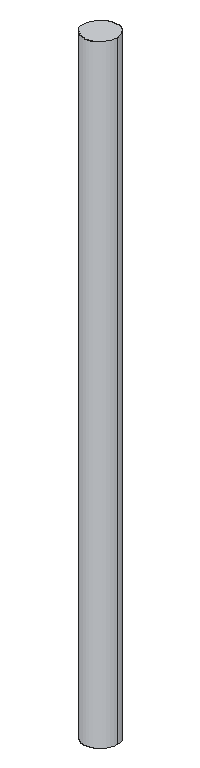
Revit family "BIM_ST_Scaff_TopPost_Shared", category Generic Models, Revit 2022
Family settings
  Can host rebar = No
  Round Connector Dimension = Use Diameter
  Part Type = Normal
  Work Plane-Based = No
  Always vertical = Yes
  Cut with Voids When Loaded = No
  Maintain Annotation Orientation = No
  Shared = Yes
  Room Calculation Point = No
Parameters
  Default Elevation = 0 mm
Reference planes
  plane 1 "Center (Front/Back)": y = 0
  plane 2: z = 0
  plane 3 "Center (Left/Right)": x = 0
Forms (mm)
  Extrusion 1, solid
    sketch origin (0, 0, 0) x (1, 0, 0) y (0, 1, 0)
      loop
        circle (0, 0) r 24.3
    from 0 to 900
Dimensions and locks
  aligned and locked: level to plane 2
